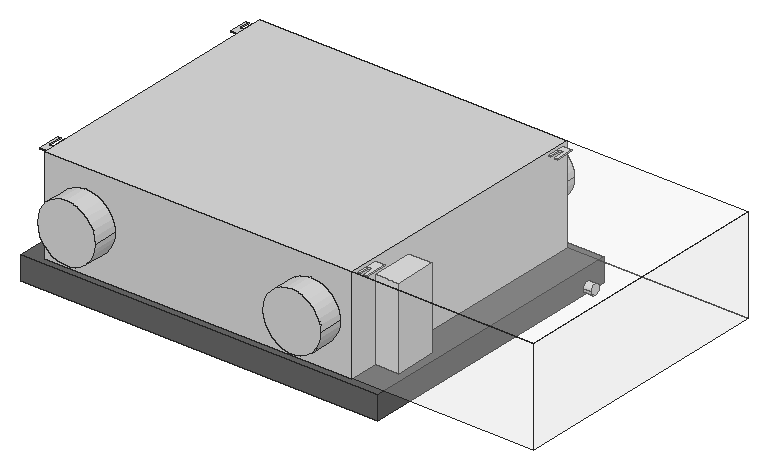
Revit family "lgh-n50_100rhw_rhp_50Hz", category 機械設備, Revit 2019
Family settings
  丸型コネクタ寸法 = 直径を使用
  パーツ タイプ = 標準
  OmniClass 番号 = 23.75.10.34.21
  OmniClass タイトル = Heat Exchangers for Ventilation Air
  作業面ベース = いいえ
  常に垂直 = はい
  ロード時にボイドで切り取り = いいえ
  共有 = いいえ
  部屋計算ポイント = はい
Parameters (values of type "LGH-N50RHP")
  騒音レベル(dB(A)) = 34
  風量 = MAX風量  # 500.0 m³/h
  面風速 = 4.42 m/s
  電源種別 [instance] = "一般"
  電圧 = 100 V
  電動機出力 = 0 W
  集中コントローラ = ""
  運転質量 = 0.00 kg
  連動 [instance] = ""
  質量 = if(製品質量 > 運転質量, 製品質量, 運転質量) * 1.2  # 50.40 kg
  負荷分類 = 3_ファン類
  説明 = "業務用ロスナイ 耐湿形"
  設計風量 = 0.0 m³/h
  設置方法 = "天井吊(隠ぺい)形"
  記号 [instance] = ""
  製造元 = "三菱電機株式会社"
  製品質量 = 42.00 kg
  製品出荷対象 = "国内"
  製品リリース年月 = "2013/7/1"
  製品グループ = ""
  系統 [instance] = ""
  符号 = "HEU"
  積算_科目 = "1 空気調和設備"
  積算_拾い区分 [instance] = ""
  相 = 1
  盤記号 [instance] = ""
  発停方法 [instance] = "別売スイッチ"
  特殊仕様 [instance] = ""
  点検口高さ = -317 mm
  点検口離隔 = 150 mm
  点検口_Width = 点検口_Depth  # 450 mm
  点検口_Depth = 450 mm
  点検口 = yes
  火災停止 [instance] = ""
  温度交換効率 = 67.00%
  消費電力_加湿器 = 0 W
  消費電力 = 227 W
  法定耐用年数 = "15"
  機外静圧_排気 = 120.0 Pa
  機外静圧 = 120.0 Pa
  極数 = 2
  材質 [instance] = ""
  本体マテリアル = ポリエステル塗装鋼板
  有効加湿量 = 3.2
  操作・制御方式 = ""
  操作・制御スイッチ = ""
  排気量 = 0.0 m³/h
  形式_加湿器 = ""
  形式 = "天井埋込ダクト形"
  幹線記号 [instance] = ""
  対象室 [instance] = ""
  実風量 = 0.0 m³/h
  始動方式 [instance] = "直入"
  天吊金具_径 = 6.5 mm
  天吊金具_幅 = 30 mm
  外気量 = 設計風量  # 0.0 m³/h
  呼称 = "全熱交換ユニット"
  周波数 = 50 Hz
  天吊金具ピッチ2 = 790 mm
  天吊金具ピッチ1 = 1048 mm
  天吊金具_高さ = 7 mm
  参照している仕様書等のバージョン = ""
  初期抵抗 = 0.0 Pa
  分類コード = "50054502100010"
  分類グループ = ""
  価格 = 345000
  企業コード = "108420"
  付属品_フィルター_還気 = ""
  付属品_フィルター = ""
  付属品 [instance] = ""
  仕様書バージョン = "Version1.0"
  モデル = "LGH-N50RHP"
  メンテナンススペース = yes
  ドレン管径 = 32 mm
  ドレン管_D = 71 mm
  ドレン管_H = 374 mm
  ドレン管_Depth = 28 mm
  ドレン皿材質 = ABS樹脂
  ドレン皿_Height = 77 mm
  コメント [instance] = ""
  Keynote = ""
  エンタルピ交換効率_暖房 = 0.00%
  エンタルピ交換効率_冷房 = 0.00%
  Assembly Code = ""
  Width = 1016 mm
  Version = ""
  Uniclass2015Version = "Systems v1.9"
  Uniclass2015Title = "Thermal wheels"
  Uniclass2015Code = "Pr_60_60_36_88"
  URL = "https://www.mitsubishielectric.co.jp/ldg/wink/ssl/displayProduct.do?pid=212042"
  SpecificationReference = ""
  SpecificationDescription = ""
  SAサイズ_W = 0 mm
  SAサイズ_D = 192 mm
  Revision = ""
  RAサイズ_W = 0 mm
  RAサイズ_D = 192 mm
  ProductInformation = ""
  OmniClassCode = "23-27 23 19 11"
  OAサイズ_W = 0 mm
  OAサイズ_D = 192 mm
  ドレン皿_Width = 1183 mm
  ドレン皿_Depth = 934 mm
  MIN風量 = 300.0 m³/h
  MIN静圧 = 45.0 Pa
  MAX風量 = 500.0 m³/h
  MAX静圧 = 120.0 Pa
  IfcTypeProduct = ""
  IfcProduct = ""
  IfcExportType = "ROTARYWHEEL"
  IfcExportAs = "IfcAirToAirHeatRecoveryType"
  Height = 317 mm
  EAサイズ_W = 0 mm
  EAサイズ_D = 192 mm
  Duct_Pitch = 745 mm
  Duct_Height = 158.5 mm
  Duct_Depth = 79 mm
  Depth = 888 mm
  Clearance Top = 0 mm
  Clearance Right = 600 mm
  Clearance Bottom = 0 mm
  Box_Depth = 136 mm
  Box_Height = 267 mm
  Box_H = 46 mm
  Box_Width = 80 mm
  Box_D = 94 mm
  Author = "三菱電機株式会社"
Types (4, lengths in mm): name | 騒音レベル(dB(A)) | 風量 | 面風速 | 質量 | 製品質量 | 点検口高さ | 消費電力 | 機外静圧_排気 | 機外静圧 | 天吊金具ピッチ2 | 天吊金具ピッチ1 | 分類コード | 価格 | モデル | ドレン管_D | ドレン管_H | エンタルピ交換効率_暖房 | エンタルピ交換効率_冷房 | Width | URL | SAサイズ_D | RAサイズ_D | OAサイズ_D | ドレン皿_Width | ドレン皿_Depth | MIN風量 | MIN静圧 | MAX風量 | MAX静圧 | Height | EAサイズ_D | Duct_Pitch | Duct_Height | Depth | Box_H | Box_D
  LGH-N50RHP | 34 | 500.0 m³/h | 4.42 m/s | 50.40 kg | 42.00 kg | -317 | 227 W | 120.0 Pa | 120.0 Pa | 790 | 1048 | "50054502100010" | 345000 | "LGH-N50RHP" | 71 | 374 | 0.00% | 0.00% | 1016 | "https://www.mitsubishielectric.co.jp/ldg/wink/ssl/displayProduct.do?pid=212042" | 192 | 192 | 192 | 1183 | 934 | 300.0 m³/h | 45.0 Pa | 500.0 m³/h | 120.0 Pa | 317 | 192 | 745 | 158.5 | 888 | 46 | 94
  LGH-N50RHW | 34 | 500.0 m³/h | 4.42 m/s | 50.40 kg | 42.00 kg | -317 | 227 W | 120.0 Pa | 120.0 Pa | 790 | 1048 | "50052504100070" | 376000 | "LGH-N50RHW" | 71 | 374 | 53.00% | 46.00% | 1016 | "https://www.mitsubishielectric.co.jp/ldg/wink/ssl/displayProduct.do?pid=212461" | 192 | 192 | 192 | 1183 | 934 | 300.0 m³/h | 45.0 Pa | 500.0 m³/h | 120.0 Pa | 317 | 192 | 745 | 158.5 | 888 | 46 | 94
  LGH-N100RHP | 37 | 1000.0 m³/h | 5.66 m/s | 99.60 kg | 83.00 kg | -398 | 490 W | 140.0 Pa | 140.0 Pa | 1030 | 1263 | "50054502100010" | 653000 | "LGH-N100RHP" | 90 | 455 | 0.00% | 0.00% | 1231 | "https://www.mitsubishielectric.co.jp/ldg/wink/ssl/displayProduct.do?pid=212043" | 242 | 242 | 242 | 1398 | 1210 | 720.0 m³/h | 75.0 Pa | 1000.0 m³/h | 140.0 Pa | 398 | 242 | 920 | 199 | 1164 | 127 | 129
  LGH-N100RHW | 37 | 1000.0 m³/h | 5.66 m/s | 99.60 kg | 83.00 kg | -398 | 490 W | 140.0 Pa | 140.0 Pa | 1030 | 1263 | "50052504100070" | 696000 | "LGH-N100RHW" | 90 | 455 | 55.00% | 46.00% | 1231 | "https://www.mitsubishielectric.co.jp/ldg/wink/ssl/displayProduct.do?pid=212460" | 242 | 242 | 242 | 1398 | 1210 | 720.0 m³/h | 75.0 Pa | 1000.0 m³/h | 140.0 Pa | 398 | 242 | 920 | 199 | 1164 | 127 | 129
Reference planes
  plane 1 "中心(正面/背面)": y = 0
  plane 2: z = 0
  plane 3 "中心(左/右)": x = 0
  plane 4: x = -508
  plane 5: x = 508
  plane 6: y = 444
  plane 7: y = -444
  plane 8: z = -317
  plane 9: z = -158.5
  plane 10: y = -523
  plane 11: y = 523
  plane 12: x = -372.5
  plane 13: x = 372.5
  plane 14: y = -350
  plane 15: z = -46
  plane 16: y = -214
  plane 17: z = -313
  plane 18: x = 588
  plane 19: y = 396
  plane 20: z = -374
  plane 21: x = 640
  plane 22: z = 0
  plane 23: y = 225
  plane 24: x = -524
  plane 25: x = 524
  plane 26: y = -395
  plane 27: y = 395
  plane 28: y = 300.5
  plane 29: y = -225
  plane 30: x = -540
  plane 31: x = 540
  plane 32: y = 365
  plane 33: y = 425
  plane 34: z = -7
  plane 35: z = -10
  plane 36: y = -365
  plane 37: y = -425
  plane 38: x = 1108
  plane 39: x = 658
  plane 40: z = -394
  plane 41: x = -571
  plane 42: x = 612
  plane 43: y = 467
  plane 44: y = -467
  plane 45: z = -317
Forms (mm)
  Extrusion 1, solid, material "ポリエステル塗装鋼板" <- "本体マテリアル", detail levels fine
    sketch origin (0, 0, 0) x (1, 0, 0) y (0, 1, 0)
      loop
        line (-508, 444) -> (-508, -444) -> (508, -444) -> (508, 444) -> (-508, 444)
    from 0 to -317
  Extrusion 2, solid, material "ポリエステル塗装鋼板" <- "本体マテリアル", detail levels fine
    sketch origin (0, 0, 0) x (1, 0, 0) y (0, 0, 1)
      loop
        circle (-372.5, -158.5) r 96
    from 444 to 523
  Extrusion 3, solid, material "ポリエステル塗装鋼板" <- "本体マテリアル", detail levels fine
    sketch origin (0, 0, 0) x (1, 0, 0) y (0, 0, 1)
      loop
        circle (-372.5, -158.5) r 96
    from -523 to -444
  Extrusion 4, solid, material "ポリエステル塗装鋼板" <- "本体マテリアル", detail levels fine
    sketch origin (0, 0, 0) x (1, 0, 0) y (0, 0, 1)
      loop
        circle (372.5, -158.5) r 96
    from -523 to -444
  Extrusion 5, solid, material "ポリエステル塗装鋼板" <- "本体マテリアル", detail levels fine
    sketch origin (0, 0, 0) x (0, 1, 0) y (0, 0, 1)
      loop
        line (-350, -46) -> (-350, -313) -> (-214, -313) -> (-214, -46) -> (-350, -46)
    from 588 to 508
  Extrusion 6, solid, material "ポリエステル塗装鋼板" <- "本体マテリアル", detail levels fine
    sketch origin (0, 0, 0) x (0, 1, 0) y (0, 0, 1)
      loop
        circle (396, -374) r 16
    from 640 to 612
  Extrusion 7, solid, material "ポリエステル塗装鋼板" <- "本体マテリアル", detail levels fine
    sketch origin (0, 0, 0) x (1, 0, 0) y (0, 0, 1)
      loop
        circle (372.5, -158.5) r 96
    from 444 to 523
  Extrusion 8, solid, material "ABS樹脂" <- "ドレン皿材質"
    sketch origin (0, 0, 0) x (1, 0, 0) y (0, 1, 0)
      loop
        line (-571, 467) -> (-571, -467) -> (612, -467) -> (612, 467) -> (-571, 467)
    from -394 to -317
  Extrusion 9, solid, material "ポリエステル塗装鋼板" <- "本体マテリアル"
    sketch origin (0, 0, 0) x (1, 0, 0) y (0, 1, 0)
      loop
        line (-540, 425) -> (-540, 365) -> (-508, 365) -> (-508, 425) -> (-517.5, 425) -> (-517.5, 395)
        arc (-517.5, 395) -> (-524, 388.5) -> (-530.5, 395) r 6.5
        line (-530.5, 395) -> (-530.5, 425) -> (-540, 425)
    from -10 to -7
  Extrusion 10, solid, material "ポリエステル塗装鋼板" <- "本体マテリアル"
    sketch origin (0, -700, 0) x (1, 0, 0) y (0, 1, 0)
      loop
        line (-540, 350) -> (-540, 275) -> (-508, 275) -> (-508, 350) -> (-517.5, 350) -> (-517.5, 305)
        arc (-517.5, 305) -> (-524, 298.5) -> (-530.5, 305) r 6.5
        line (-530.5, 305) -> (-530.5, 350) -> (-540, 350)
    from -10 to -7
  Extrusion 11, solid, material "ポリエステル塗装鋼板" <- "本体マテリアル"
    sketch origin (0, -700, 0) x (-1, 0, 0) y (0, -1, 0)
      loop
        line (-508, -275) -> (-517.5, -275) -> (-517.5, -305)
        arc (-517.5, -305) -> (-524, -311.5) -> (-530.5, -305) r 6.5
        line (-530.5, -305) -> (-530.5, -275) -> (-540, -275) -> (-540, -350) -> (-508, -350) -> (-508, -275)
    from -10 to -7
  Extrusion 12, solid, material "ポリエステル塗装鋼板" <- "本体マテリアル"
    sketch origin (0, 0, 0) x (-1, 0, 0) y (0, -1, 0)
      loop
        line (-508, -365) -> (-517.5, -365) -> (-517.5, -395)
        arc (-517.5, -395) -> (-524, -401.5) -> (-530.5, -395) r 6.5
        line (-530.5, -395) -> (-530.5, -365) -> (-540, -365) -> (-540, -425) -> (-508, -425) -> (-508, -365)
    from -10 to -7
Lines and regions (mm)
  Masking region 1, detail levels coarse+medium
    outline origin (0, 0, 0) x (1, 0, 0) y (0, 1, 0)
      loop
        line (-508, 444) -> (-508, -444) -> (508, -444) -> (508, 444) -> (-508, 444)
  symbolic lines, detail levels coarse+medium
    curve 1: line (-1.977, 441.477, 0) -> (-508, 0, 0)
    curve 2: line (-508, 0, 0) -> (1.977, -441.477, 0)
    curve 3: line (1.977, -441.477, 0) -> (508, 0, 0)
    curve 4: line (508, 0, 0) -> (-1.977, 441.477, 0)
Dimensions and locks
  equal spacing: plane 4, plane 3 "中心(左/右)", plane 5
  "Width": plane 4 to plane 5
  equal spacing: plane 6, plane 1 "中心(正面/背面)", plane 7
  "Depth": plane 6 to plane 7
  "Duct_Depth": plane 7 to plane 10
  "Duct_Depth": plane 6 to plane 11
  equal spacing: plane 12, plane 3 "中心(左/右)", plane 13
  "Duct_Pitch": plane 12 to plane 13
  "Box_D": plane 14 to plane 7
  "Box_Depth": plane 16 to plane 14
  "Box_Height": plane 15 to plane 17
  "Clearance Top": level to plane 22
  equal spacing: plane 24, plane 3 "中心(左/右)", plane 25
  "天吊金具ピッチ1": plane 24 to plane 25
  equal spacing: plane 27, plane 1 "中心(正面/背面)", plane 26
  "天吊金具ピッチ2": plane 27 to plane 26
  equal spacing: plane 33, plane 27, plane 32
  "天吊金具_高さ": level to plane 34
  locked: plane 34 to plane 35 at 3
  equal spacing: plane 37, plane 26, plane 36
  "Box_Width": plane 5 to plane 18
  "Clearance Right": plane 5 to plane 38
  "点検口離隔": plane 5 to plane 39
  equal spacing: plane 23, plane 1 "中心(正面/背面)", plane 29
  "点検口_Depth": plane 23 to plane 29
  "ドレン皿_Width": plane 41 to plane 42
  equal spacing: plane 43, plane 1 "中心(正面/背面)", plane 44
  "ドレン皿_Depth": plane 43 to plane 44
  "ドレン管_H": plane 20 to level
  "ドレン管_Depth": plane 42 to plane 21
  "天吊金具_幅": plane 33 to plane 27
  "天吊金具_幅": plane 36 to plane 26
  equal spacing: plane 30, plane 24, plane 4
  equal spacing: plane 5, plane 25, plane 31
  "天吊金具_径": nested 2 to Extrusion 9 sketch curve
  "天吊金具_径": plane 24 to Extrusion 10 sketch curve
  "天吊金具_径": plane 25 to Extrusion 11 sketch curve
  "天吊金具_径": plane 25 to Extrusion 12 sketch curve
  "ドレン管_D": plane 19 to plane 43
  "Box_H": level to plane 15
  "Duct_Height": level to plane 9
  "Height": level to plane 8
  "ドレン皿_Height": plane 8 to plane 40
  locked: plane 5 to plane 42 at 104
  "Clearance Bottom": plane 8 to plane 45
  "OAサイズ_D": diameter of Extrusion 3 sketch curve
  "EAサイズ_D": diameter of Extrusion 4 sketch curve
  "ドレン管径": diameter of Extrusion 6 sketch curve
  "RAサイズ_D": diameter of Extrusion 2 sketch curve
  "SAサイズ_D": diameter of Extrusion 7 sketch curve
  "天吊金具_径": radius of Extrusion 9 sketch curve
  "天吊金具_径": radius of Extrusion 10 sketch curve
  "天吊金具_径": radius of Extrusion 11 sketch curve
  "天吊金具_径": radius of Extrusion 12 sketch curve
  aligned and locked: level to plane 2
  aligned and locked: Masking region 1 to plane 7
  aligned and locked: Masking region 1 to plane 4
  aligned and locked: plane 6 to Masking region 1
  aligned and locked: plane 5 to Masking region 1
  aligned and locked: Extrusion 1 to plane 8
  aligned and locked: plane 7 to Extrusion 2
  aligned and locked: Extrusion 4 to plane 11
  aligned and locked: Extrusion 3 to plane 11
  aligned and locked: Extrusion 3 to plane 6
  aligned and locked: Extrusion 4 to plane 6
  aligned and locked: Extrusion 5 to plane 18
  aligned and locked: Extrusion 5 to plane 17
  aligned and locked: plane 14 to Extrusion 5
  aligned and locked: Extrusion 5 to plane 16
  aligned and locked: plane 15 to Extrusion 5
  aligned and locked: Extrusion 6 to plane 21
  aligned and locked: nested 1 to plane 6
  aligned and locked: nested 1 to plane 7
  aligned and locked: plane 25 to nested 2
  aligned and locked: plane 27 to nested 2
  aligned and locked: nested 2 to plane 26
  aligned and locked: plane 24 to nested 2
  aligned and locked: nested 3 to plane 23
  aligned and locked: plane 29 to nested 3
  aligned and locked: Extrusion 2 to plane 10
  aligned and locked: Extrusion 2 to Extrusion 7
  aligned and locked: Extrusion 7 to Masking region 1
  aligned and locked: Extrusion 5 to plane 5
  aligned and locked: nested 1 to plane 38
  aligned and locked: plane 5 to nested 1
  aligned and locked: nested 3 to plane 38
  aligned and locked: nested 3 to plane 39
  aligned and locked: Extrusion 8 sketch curve to plane 43
  aligned and locked: plane 41 to Extrusion 8 sketch curve
  aligned and locked: Extrusion 8 sketch curve to plane 44
  aligned and locked: plane 42 to Extrusion 8 sketch curve
  aligned and locked: Extrusion 8 to Extrusion 1
  aligned and locked: plane 8 to Extrusion 8
  aligned and locked: Extrusion 8 to plane 40
  aligned and locked: plane 42 to Extrusion 6
  aligned and locked: plane 4 to Extrusion 9 sketch curve
  aligned and locked: Extrusion 9 sketch curve to plane 32
  aligned and locked: Extrusion 9 sketch curve to plane 30
  aligned and locked: plane 33 to Extrusion 9 sketch curve  (x2)
  aligned and locked: plane 4 to Extrusion 10 sketch curve
  aligned and locked: Extrusion 10 sketch curve to plane 37
  aligned and locked: Extrusion 10 sketch curve to plane 30
  aligned and locked: plane 14 to Extrusion 10 sketch curve  (x2)
  aligned and locked: plane 31 to Extrusion 11 sketch curve
  aligned and locked: plane 14 to Extrusion 11 sketch curve
  aligned and locked: plane 5 to Extrusion 11 sketch curve
  aligned and locked: Extrusion 11 sketch curve to plane 37  (x2)
  aligned and locked: plane 31 to Extrusion 12 sketch curve
  aligned and locked: plane 33 to Extrusion 12 sketch curve
  aligned and locked: plane 5 to Extrusion 12 sketch curve
  aligned and locked: Extrusion 12 sketch curve to plane 32  (x2)
  aligned and locked: Extrusion 10 to plane 35
  aligned and locked: plane 34 to Extrusion 10
  aligned and locked: Extrusion 9 to plane 35
  aligned and locked: plane 34 to Extrusion 9
  aligned and locked: Extrusion 11 to plane 35
  aligned and locked: plane 34 to Extrusion 11
  aligned and locked: Extrusion 12 to plane 35
  aligned and locked: plane 34 to Extrusion 12
  aligned and locked: plane 22 to nested 1
  aligned and locked: plane 45 to nested 1
Automatic sketch dimensions
  plane 1 "中心(正面/背面)" to curve 1 = 0 mm
  curve 1 to plane 4 = 0 mm
  plane 1 "中心(正面/背面)" to curve 4 = 0 mm
  curve 4 to plane 5 = 0 mm
  curve 4 to plane 3 "中心(左/右)" = 1.977 mm
  plane 3 "中心(左/右)" to curve 3 = 1.977 mm
  plane 7 to curve 3 = 2.523 mm
  curve 4 to plane 6 = 2.523 mm
  Masking region 1 sketch curve to plane 4 = 0 mm
  Masking region 1 sketch curve to plane 5 = 0 mm
  Masking region 1 sketch curve to plane 7 = 0 mm
  Masking region 1 sketch curve to plane 6 = 0 mm
  Extrusion 1 sketch curve to plane 4 = 0 mm
  Extrusion 1 sketch curve to plane 5 = 0 mm
  Extrusion 1 sketch curve to plane 7 = 0 mm
  Extrusion 1 sketch curve to plane 6 = 0 mm
  Extrusion 2 sketch curve to plane 9 = 0 mm
  plane 12 to Extrusion 2 sketch curve = 0 mm
  Extrusion 3 sketch curve to plane 9 = 0 mm
  plane 12 to Extrusion 3 sketch curve = 0 mm
  Extrusion 4 sketch curve to plane 9 = 0 mm
  plane 13 to Extrusion 4 sketch curve = 0 mm
  Extrusion 5 sketch curve to plane 14 = 0 mm
  Extrusion 5 sketch curve to plane 16 = 0 mm
  Extrusion 5 sketch curve to plane 17 = 0 mm
  Extrusion 5 sketch curve to plane 15 = 0 mm
  Extrusion 6 sketch curve to plane 19 = 0 mm
  plane 20 to Extrusion 6 sketch curve = 0 mm
  Extrusion 7 sketch curve to plane 9 = 0 mm
  plane 13 to Extrusion 7 sketch curve = 0 mm
  Extrusion 9 sketch curve to plane 27 = 0 mm
  Extrusion 10 sketch curve to plane 26 = 0 mm
  Extrusion 11 sketch curve to plane 26 = 0 mm
  Extrusion 12 sketch curve to plane 27 = 0 mm
Nested families
  nested 1: "メンテナンススペース" at (808, 0, -158.5), visible <- "メンテナンススペース", type "メンテナンススペース"
    with Width 600 mm, Height 317 mm, Depth 888 mm
  nested 2: "固定点" at (-524, -395, 0), type "固定点"
    with W 1048 mm, D 790 mm
  nested 3: "点検口設置範囲" at (883, 0, -317), Width <- "点検口_Width", built-in parameter 1001364 <- "点検口高さ", visible <- "点検口", type "点検口設置範囲"
    with Width 450 mm, Depth 450 mm
Connectors
  electrical at (548, -350, -179.5), driven by "極数", driven by "負荷分類", driven by "電圧", driven by "消費電力"
    settings: on Extrusion 5, index 1, voltage 100 V, apparent load 227 VA, apparent load phase1 0 VA, apparent load phase2 0 VA, apparent load phase3 0 VA, power factor 1, load classification "3_ファン類", number of poles 2, system type 30, power factor state 1, is connector primary yes, connector utility no, sub classification motor no, connector description ""
  piping at (640, 396, -374), diameter 32, driven by "ドレン管径"
    settings: on Extrusion 6, index 5, connector inside diameter 609.6 mm, connector length 0 mm, flow factor 0, pipe flow 0.0 L/s, pressure drop 0.0 Pa, fitting loss kfactor 0, connector angle 0.00°, fixture units 0, engagement length 0 mm, angle of deflection 0.00°, flow configuration 0, flow direction 2, fitting loss method 0, system type 16, joint type 0, gender type 0, connector reference index -1, connector utility 0, adjustable connector no, is connector primary yes, connector description ""
  hvac at (-372.5, -523, -158.5), driven by "SAサイズ_D", driven by "MAX静圧", driven by "風量"
    settings: on Extrusion 2, index 6, duct flow 500.0 m³/h, flow factor 0, pres drop 120.0 Pa, loss coef 0, conn angle 0.00°, conn width 304.8 mm, conn height 304.8 mm, conn diameter 192 mm, duct sys type 2, conn prof type 0, flow config 1, flow direction 1, loss method 4, conn ref index -1, conn util no, is conn primary yes, conn desc ""
  hvac at (372.5, 523, -158.5), driven by "機外静圧_排気", driven by "排気量", driven by "EAサイズ_D"
    settings: on Extrusion 4, index 8, duct flow 0.0 m³/h, flow factor 0, pres drop 120.0 Pa, loss coef 0, conn angle 0.00°, conn width 304.8 mm, conn height 304.8 mm, conn diameter 192 mm, duct sys type 4, conn prof type 0, flow config 0, flow direction 1, loss method 4, conn ref index -1, conn util no, is conn primary no, conn desc ""
  hvac at (-372.5, 523, -158.5), driven by "機外静圧", driven by "外気量", driven by "OAサイズ_D"
    settings: on Extrusion 3, index 9, duct flow 0.0 m³/h, flow factor 0, pres drop 120.0 Pa, loss coef 0, conn angle 0.00°, conn width 304.8 mm, conn height 304.8 mm, conn diameter 192 mm, duct sys type 3, conn prof type 0, flow config 0, flow direction 2, loss method 4, conn ref index -1, conn util no, is conn primary no, conn desc ""
  hvac at (372.5, -523, -158.5), driven by "RAサイズ_D", driven by "機外静圧", driven by "風量"
    settings: on Extrusion 7, index 12, duct flow 500.0 m³/h, flow factor 0, pres drop 120.0 Pa, loss coef 0, conn angle 0.00°, conn width 304.8 mm, conn height 304.8 mm, conn diameter 192 mm, duct sys type 1, conn prof type 0, flow config 0, flow direction 2, loss method 4, conn ref index -1, conn util no, is conn primary no, conn desc ""
Definition of nested family "メンテナンススペース"
  Parameters (values of type "メンテナンススペース")
    Width [instance] = 500 mm
    Height [instance] = 500 mm
    Depth [instance] = 500 mm
  Reference planes
    plane 1 "中心(正面/背面)": y = 0
    plane 2: z = 0
    plane 3 "中心(左/右)": x = 0
    plane 4: y = -250
    plane 5: x = 250
    plane 6: y = 250
    plane 7: x = -250
    plane 8: z = 250
    plane 9: z = -250
  Forms (mm)
    Extrusion 1, solid
      sketch origin (-638.939, 0, 72.39) x (1, 0, 0) y (0, 1, 0)
        loop
          line (388.939, 250) -> (388.939, -250) -> (888.939, -250) -> (888.939, 250) -> (388.939, 250)
      from -322.39 to 177.61
  Lines and regions (mm)
    symbolic lines
      curve 1: line (-250, 0, 250) -> (250, 0, 250)
      curve 2: line (-250, 0, -250) -> (-250, 0, 250)
      curve 3: line (250, 0, -250) -> (-250, 0, -250)
      curve 4: line (250, 0, 250) -> (250, 0, -250)
      curve 5: line (0, -250, 250) -> (0, 250, 250)
      curve 6: line (0, -250, -250) -> (0, -250, 250)
      curve 7: line (0, 250, -250) -> (0, -250, -250)
      curve 8: line (0, 250, 250) -> (0, 250, -250)
      curve 9: line (-250, 250, 0) -> (250, 250, 0)
      curve 10: line (-250, -250, 0) -> (-250, 250, 0)
      curve 11: line (250, -250, 0) -> (-250, -250, 0)
      curve 12: line (250, 250, 0) -> (250, -250, 0)
  Dimensions and locks
    equal spacing: plane 7, plane 3 "中心(左/右)", plane 5
    equal spacing: plane 4, plane 1 "中心(正面/背面)", plane 6
    "Depth": plane 4 to plane 6
    "Width": plane 7 to plane 5
    equal spacing: plane 8, plane 2, plane 9
    "Height": plane 8 to plane 9
    aligned and locked: plane 9 to curve 3
    aligned and locked: plane 7 to curve 2
    aligned and locked: curve 4 to plane 5
    aligned and locked: plane 5 to Extrusion 1
    aligned and locked: Extrusion 1 to plane 7
    aligned and locked: Extrusion 1 to plane 9
    aligned and locked: plane 8 to Extrusion 1
    aligned and locked: plane 9 to curve 7
  Automatic sketch dimensions
    plane 4 to Extrusion 1 sketch curve = 0 mm
    Extrusion 1 sketch curve to plane 7 = 0 mm
    Extrusion 1 sketch curve to plane 5 = 0 mm
    plane 6 to Extrusion 1 sketch curve = 0 mm
    curve 2 to plane 8 = 0 mm
    plane 4 to curve 11 = 0 mm
    curve 11 to plane 7 = 0 mm
    curve 11 to plane 5 = 0 mm
    plane 6 to curve 10 = 0 mm
    curve 7 to plane 4 = 0 mm
    curve 7 to plane 6 = 0 mm
    curve 6 to plane 8 = 0 mm
Definition of nested family "固定点"
  Parameters (values of type "固定点")
    中心円 = 20 mm
    W [instance] = 1000 mm
    D [instance] = 1000 mm
  Reference planes
    plane 1 "中心(正面/背面)": y = 0
    plane 2: z = 0
    plane 3 "中心(左/右)": x = 0
    plane 4: x = 1000
    plane 5: y = 1000
  Lines and regions (mm)
    symbolic lines, detail levels fine
      curve 1: circle (0, 1000, 0) r 10 normal (0, 0, 1)
      curve 2: circle (0, 0, 0) r 10 normal (0, 0, 1)
      curve 3: circle (1000, 1000, 0) r 10 normal (0, 0, 1)
      curve 4: circle (1000, 0, 0) r 10 normal (0, 0, 1)
      curve 5: line (-200, 1000, 0) -> (1200, 1000, 0)
      curve 6: line (-200, 0, 0) -> (1200, 0, 0)
      curve 7: line (0, 1200, 0) -> (0, -200, 0)
      curve 8: line (1000, 1200, 0) -> (1000, -200, 0)
  Dimensions and locks
    "W": plane 3 "中心(左/右)" to plane 4
    "D": plane 1 "中心(正面/背面)" to plane 5
    "中心円": diameter of curve 1
    "中心円": diameter of curve 2
    "中心円": diameter of curve 3
    "中心円": diameter of curve 4
    aligned and locked: level to plane 2
    aligned and locked: plane 5 to curve 1
    aligned and locked: plane 3 "中心(左/右)" to curve 1
    aligned and locked: plane 3 "中心(左/右)" to curve 2
    aligned and locked: plane 1 "中心(正面/背面)" to curve 2
    aligned and locked: plane 4 to curve 3
    aligned and locked: plane 5 to curve 3
    aligned and locked: plane 1 "中心(正面/背面)" to curve 4
    aligned and locked: plane 4 to curve 4
    aligned and locked: plane 1 "中心(正面/背面)" to curve 6
    aligned and locked: curve 7 to plane 3 "中心(左/右)"
    aligned and locked: curve 8 to plane 4
  Automatic sketch dimensions
    curve 5 to plane 5 = 0 mm
    curve 6 to plane 3 "中心(左/右)" = 200 mm
    curve 5 to plane 3 "中心(左/右)" = 200 mm
    curve 4 to curve 6 = 200 mm
    curve 3 to curve 5 = 200 mm
    plane 1 "中心(正面/背面)" to curve 8 = 200 mm
    plane 1 "中心(正面/背面)" to curve 7 = 200 mm
    curve 3 to curve 8 = 200 mm
    curve 1 to curve 7 = 200 mm
Definition of nested family "点検口設置範囲"
  Parameters (values of type "点検口設置範囲")
    Width [instance] = 1000 mm
    Depth [instance] = 700 mm
  Reference planes
    plane 1 "中心(正面/背面)": y = 0
    plane 2: z = 0
    plane 3 "中心(左/右)": x = 0
    plane 4: x = -500
    plane 5: x = 500
    plane 6: y = -350
    plane 7: y = 350
  Lines and regions (mm)
    model lines
      curve 1: line (-500, 350, 0) -> (500, 350, 0)
      curve 2: line (-500, -350, 0) -> (-500, 350, 0)
      curve 3: line (500, -350, 0) -> (-500, -350, 0)
      curve 4: line (500, 350, 0) -> (500, -350, 0)
  Dimensions and locks
    "Depth": plane 7 to plane 6
    "Width": plane 4 to plane 5
    equal spacing: plane 7, plane 1 "中心(正面/背面)", plane 6
    equal spacing: plane 4, plane 3 "中心(左/右)", plane 5
    aligned and locked: level to plane 2
    aligned and locked: plane 4 to curve 2
    aligned and locked: curve 1 to plane 7
    aligned and locked: curve 4 to plane 5
    aligned and locked: plane 6 to curve 3
